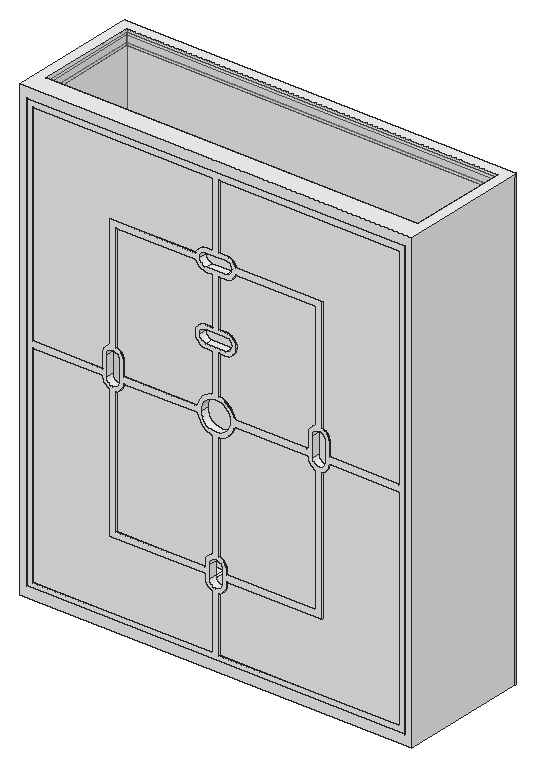
Revit family "STL22736BR_PTO_30", category Luminárias, Revit 2023
Family settings
  Hospedeiro = Parede
  Cota do conector redondo = Utilizar diâmetro
  Tipo de parte = Normal
  Número OmniClass = 23.80.70.00
  Título OmniClass = Lighting
  Sempre na vertical = Sim
  Corte com vazios quando carregada = Não
  Fonte luminosa = Sim
  Manter orientação da anotação = Não
  Compartilhado = Não
  Ponto de cálculo do ambiente = Não
Parameters (values of type "STH22736BR/30 - BRANCO - BIVOLT - 3000K - 280lm")
  Ângulo de inclinação = -90.00°
  Ângulo de Abertura = "90°/2°"
  Wattage = 1.75035 W
  Vidro = Vidro
  URL = "https://stella.com.br/"
  Troca de temperatura da cor de lâmpada com esmaecimento = <Nenhum>
  Tensão Elétrica = "100V-240V"
  built-in parameter 1150107 = 3000 (stored number, unit not read)
  Temperatura da cor (K) = 3000 K
  Referência = "STH22736BR/30"
  Potência = 10 W
  built-in parameter 1150110 = 1 (stored number, unit not read)
  built-in parameter 1150109 = 1 (stored number, unit not read)
  built-in parameter 1114218 = 1 (stored number, unit not read)
  built-in parameter 1150112 = 1 (stored number, unit not read)
  built-in parameter 1150113 = 1 (stored number, unit not read)
  built-in parameter 1150132 = 2
  built-in parameter 1150137 = (empty or 0)
  Modelo = "Wall Plus"
  Luminoso = Luminoso - 3000K
  built-in parameter 1150106 = 0.2069 (stored number, unit not read)
  Largura = 0.04 m
  built-in parameter 1150102 = (empty or 0)
  built-in parameter 1150105 = 20.69 (stored number, unit not read)
  IRC (Índice de reprodução de cores) = ">80"
  Grau de proteção (IP) = "IP65"
  Fluxo Luminoso_STL22736PTO = no
  Fluxo Luminoso_STH22736BR = yes
  Fluxo Luminoso = 280 lm
  Color Filter = 16777215
  built-in parameter 1114217 = 1 (stored number, unit not read)
  built-in parameter 1150139 = (empty or 0)
  Fabricante = "Stella"
  Estrutura = Al - Branco
  Default Elevation = 0.00 m
  built-in parameter 1150104 = 13.8 (stored number, unit not read)
  Dimerização = "Não dimerizável"
  built-in parameter 1150115 = 1 (stored number, unit not read)
  built-in parameter 1150114 = 1 (stored number, unit not read)
  Lumens = 260 lm
  built-in parameter 1150138 = (empty or 0)
  built-in parameter 1150134 = (empty or 0)
  Comprimento = 0.12 m
  Arquivo de rede fotométrica = "STL22736BR-30 - WALL PLUS - 1 FACHO ABERTO - 1 FACHO FECHADO - FACHO ABERTO.ies"
  Altura = 0.14 m
  built-in parameter 1150133 = 10 (stored number, unit not read)
Types (3, lengths in m): name | Referência | built-in parameter 1150106 | built-in parameter 1150105 | Fluxo Luminoso_STL22736PTO | Fluxo Luminoso_STH22736BR | Estrutura | Arquivo de rede fotométrica
  (no name) | "STH22736BR/30" | 0.2069 (stored number, unit not read) | 20.69 (stored number, unit not read) | no | yes | Al - Branco | "STL22736BR-30 - WALL PLUS - 1 FACHO ABERTO - 1 FACHO FECHADO - FACHO ABERTO.ies"
  STH22736BR/30 - BRANCO - BIVOLT - 3000K - 280lm | "STH22736BR/30" | 0.2069 (stored number, unit not read) | 20.69 (stored number, unit not read) | no | yes | Al - Branco | "STL22736BR-30 - WALL PLUS - 1 FACHO ABERTO - 1 FACHO FECHADO - FACHO ABERTO.ies"
  STH22736PTO/30 - PRETO - BIVOLT - 3000K - 280lm | "STH22736PTO/30" | 1.8358 (stored number, unit not read) | 183.58 (stored number, unit not read) | yes | no | Al - Preto | "STL22736PTO-30 - WALL PLUS - 1 FACHO ABERTO - 1 FACHO FECHADO - FACHO ABERTO.ies"
Reference planes (m)
  plane 1: y = 0
  plane 2 "Eixo de origem da luz (F/T)": y = 0.1132
  plane 3 "Plano de inclinação da fonte de luz": x = -0.036356
  plane 4 "Elevação da origem da luz": z = 1
  plane 5: x = 0.023644
  plane 6: x = -0.096356
  plane 7: y = 0.1432
  plane 8 "Superior": z = 1.07
  plane 9: z = 0.93
  plane 10 "Centro": z = 1
  plane 11: y = 0.1032
Forms (m)
  Extrusion 1, solid, material "Al - Branco" <- "Estrutura"
    sketch origin (0, 0, 1) x (0, 1, 0) y (-1, 0, 0)
      loop
        arc (0.1432, 0.095756) -> (0.143024, 0.09618) -> (0.1426, 0.096356) r 0.0006
        line (0.1426, 0.096356) -> (0.1032, 0.096356) -> (0.1032, -0.023644) -> (0.1426, -0.023644)
        arc (0.1426, -0.023644) -> (0.143024, -0.023469) -> (0.1432, -0.023044) r 0.0006
        line (0.1432, -0.023044) -> (0.1432, 0.095756)
      loop
        line (0.1414, 0.094356) -> (0.1055, 0.094356) -> (0.1055, -0.021644) -> (0.1414, -0.021644) -> (0.1414, 0.094356)
    from -0.07 to 0.07
  Extrusion 2, void
    sketch origin (-0.036356, -0.000539, 0) x (0, -1, 0) y (0, 0, 1)
      loop
        line (-0.109918, 0.943425) -> (-0.118046, 0.943425) -> (-0.117117, 0.942369) -> (-0.110846, 0.942369) -> (-0.109918, 0.943425)
      loop
        line (-0.110846, 0.941099) -> (-0.117117, 0.941099) -> (-0.117117, 0.940027) -> (-0.110846, 0.940027) -> (-0.110846, 0.941099)
      loop
        line (-0.109918, 0.9377) -> (-0.110846, 0.938756) -> (-0.117117, 0.938756) -> (-0.118046, 0.9377) -> (-0.109918, 0.9377)
    from 0.0594 to 0.06
  Extrusion 3, void
    sketch origin (0, 0.1132, 0) x (1, 0, 0) y (0, 0, 1)
      loop
        line (0.021644, 1.067) -> (-0.094356, 1.067) -> (-0.094356, 0.933) -> (0.021644, 0.933) -> (0.021644, 1.067)
    from 0.0077 to 0.01
  Extrusion 4, solid, material "Al - Branco" <- "Estrutura"
    sketch origin (0, 0.1132, 0) x (1, 0, 0) y (0, 0, 1)
      loop
        line (0.021544, 1.0669) -> (-0.094256, 1.0669) -> (-0.094256, 0.9331) -> (0.021544, 0.9331) -> (0.021544, 1.0669)
    from 0.0077 to 0.01
  Extrusion 5, void
    sketch origin (-0.072711, 0.1132, 2) x (-1, 0, 0) y (0, 0, -1)
      loop
        line (-0.035456, 1.0653) -> (-0.035456, 1.048371)
        arc (-0.035456, 1.048371) -> (-0.033794, 1.047218) -> (-0.033156, 1.0453) r 0.0032
        line (-0.033156, 1.0453) -> (-0.033156, 1.0442) -> (-0.00396, 1.0442) -> (-0.00396, 1.004048)
        arc (-0.00396, 1.004048) -> (-0.002289, 1.00289) -> (-0.001647, 1.000962) r 0.003215
        line (-0.001647, 1.000962) -> (0.019744, 1.000962) -> (0.019744, 1.0653) -> (-0.035456, 1.0653)
      loop
        line (-0.037256, 1.0653) -> (-0.092456, 1.0653) -> (-0.092456, 1.000962) -> (-0.071065, 1.000962)
        arc (-0.071065, 1.000962) -> (-0.070422, 1.00289) -> (-0.068751, 1.004048) r 0.003215
        line (-0.068751, 1.004048) -> (-0.068751, 1.0442) -> (-0.039556, 1.0442) -> (-0.039556, 1.0453)
        arc (-0.039556, 1.0453) -> (-0.038917, 1.047218) -> (-0.037256, 1.048371) r 0.0032
        line (-0.037256, 1.048371) -> (-0.037256, 1.0653)
      loop
        line (0.019744, 0.9991) -> (-0.001656, 0.9991) -> (-0.001656, 0.995)
        arc (-0.001656, 0.995) -> (-0.002294, 0.993082) -> (-0.003956, 0.991929) r 0.0032
        line (-0.003956, 0.991929) -> (-0.003956, 0.9573) -> (-0.030285, 0.9573)
        arc (-0.030285, 0.9573) -> (-0.031437, 0.955639) -> (-0.033356, 0.955) r 0.0032
        line (-0.033356, 0.955) -> (-0.035456, 0.955) -> (-0.035456, 0.9349) -> (0.019744, 0.9349) -> (0.019744, 0.9991)
      loop
        line (-0.092456, 0.9991) -> (-0.092456, 0.9349) -> (-0.037256, 0.9349) -> (-0.037256, 0.955) -> (-0.039356, 0.955)
        arc (-0.039356, 0.955) -> (-0.041274, 0.955639) -> (-0.042426, 0.9573) r 0.0032
        line (-0.042426, 0.9573) -> (-0.068756, 0.9573) -> (-0.068756, 0.991929)
        arc (-0.068756, 0.991929) -> (-0.070417, 0.993082) -> (-0.071056, 0.995) r 0.0032
        line (-0.071056, 0.995) -> (-0.071056, 0.9991) -> (-0.092456, 0.9991)
      loop
        arc (-0.033156, 1.0413) -> (-0.033794, 1.039382) -> (-0.035456, 1.038229) r 0.0032
        line (-0.035456, 1.038229) -> (-0.035456, 1.005628)
        arc (-0.035456, 1.005628) -> (-0.032325, 1.004031) -> (-0.030727, 1.0009) r 0.0057
        line (-0.030727, 1.0009) -> (-0.008056, 1.001)
        arc (-0.008056, 1.001) -> (-0.007417, 1.002918) -> (-0.005756, 1.004071) r 0.0032
        line (-0.005756, 1.004071) -> (-0.005756, 1.0424) -> (-0.033156, 1.0424) -> (-0.033156, 1.0413)
      loop
        arc (-0.037256, 1.038229) -> (-0.038917, 1.039382) -> (-0.039556, 1.0413) r 0.0032
        line (-0.039556, 1.0413) -> (-0.039556, 1.0424) -> (-0.06696, 1.0424) -> (-0.06696, 1.004048)
        arc (-0.06696, 1.004048) -> (-0.065289, 1.00289) -> (-0.064647, 1.000962) r 0.003215
        line (-0.064647, 1.000962) -> (-0.041974, 1.000962)
        arc (-0.041974, 1.000962) -> (-0.040364, 1.004053) -> (-0.037256, 1.005628) r 0.0057
        line (-0.037256, 1.005628) -> (-0.037256, 1.038229)
      loop
        arc (-0.037256, 0.994372) -> (-0.040386, 0.995969) -> (-0.041984, 0.9991) r 0.0057
        line (-0.041984, 0.9991) -> (-0.064656, 0.9991) -> (-0.064656, 0.995)
        arc (-0.064656, 0.995) -> (-0.065294, 0.993082) -> (-0.066956, 0.991929) r 0.0032
        line (-0.066956, 0.991929) -> (-0.066956, 0.9591) -> (-0.042426, 0.9591)
        arc (-0.042426, 0.9591) -> (-0.041274, 0.960761) -> (-0.039356, 0.9614) r 0.0032
        line (-0.039356, 0.9614) -> (-0.037256, 0.9614) -> (-0.037256, 0.976) -> (-0.039356, 0.976)
        arc (-0.039356, 0.976) -> (-0.041618, 0.976937) -> (-0.042556, 0.9792) r 0.0032
        arc (-0.042556, 0.9792) -> (-0.041618, 0.981463) -> (-0.039356, 0.9824) r 0.0032
        line (-0.039356, 0.9824) -> (-0.037256, 0.9824) -> (-0.037256, 0.994372)
      loop
        line (-0.035456, 0.976) -> (-0.035456, 0.9614) -> (-0.033356, 0.9614)
        arc (-0.033356, 0.9614) -> (-0.031437, 0.960761) -> (-0.030285, 0.9591) r 0.0032
        line (-0.030285, 0.9591) -> (-0.005756, 0.9591) -> (-0.005756, 0.991929)
        arc (-0.005756, 0.991929) -> (-0.007417, 0.993082) -> (-0.008056, 0.995) r 0.0032
        line (-0.008056, 0.995) -> (-0.008056, 0.9991) -> (-0.030727, 0.9991)
        arc (-0.030727, 0.9991) -> (-0.032325, 0.995969) -> (-0.035456, 0.994372) r 0.0057
        line (-0.035456, 0.994372) -> (-0.035456, 0.9824) -> (-0.033356, 0.9824)
        arc (-0.033356, 0.9824) -> (-0.030156, 0.9792) -> (-0.033356, 0.976) r 0.0032
        line (-0.033356, 0.976) -> (-0.035456, 0.976)
    from 0.0098 to 0.01
  Extrusion 6, void
    sketch origin (-0.072711, 0.1132, 2) x (-1, 0, 0) y (0, 0, -1)
      loop
        line (-0.038356, 1.0453) -> (-0.038356, 1.0413)
        arc (-0.038356, 1.0413) -> (-0.036356, 1.0393) -> (-0.034356, 1.0413) r 0.002
        line (-0.034356, 1.0413) -> (-0.034356, 1.0453)
        arc (-0.034356, 1.0453) -> (-0.036356, 1.0473) -> (-0.038356, 1.0453) r 0.002
      loop
        circle (-0.036356, 1) r 0.0045
      loop
        line (-0.033356, 0.9812) -> (-0.039356, 0.9812)
        arc (-0.039356, 0.9812) -> (-0.041356, 0.9792) -> (-0.039356, 0.9772) r 0.002
        line (-0.039356, 0.9772) -> (-0.033356, 0.9772)
        arc (-0.033356, 0.9772) -> (-0.031941, 0.977786) -> (-0.031356, 0.9792) r 0.002
        arc (-0.031356, 0.9792) -> (-0.031941, 0.980614) -> (-0.033356, 0.9812) r 0.002
      loop
        line (-0.065856, 0.995) -> (-0.065856, 1.001)
        arc (-0.065856, 1.001) -> (-0.067856, 1.003) -> (-0.069856, 1.001) r 0.002
        line (-0.069856, 1.001) -> (-0.069856, 0.995)
        arc (-0.069856, 0.995) -> (-0.067856, 0.993) -> (-0.065856, 0.995) r 0.002
      loop
        line (-0.002856, 0.995) -> (-0.002856, 1.001)
        arc (-0.002856, 1.001) -> (-0.004856, 1.003) -> (-0.006856, 1.001) r 0.002
        line (-0.006856, 1.001) -> (-0.006856, 0.995)
        arc (-0.006856, 0.995) -> (-0.004856, 0.993) -> (-0.002856, 0.995) r 0.002
      loop
        arc (-0.031356, 0.9582) -> (-0.031941, 0.959614) -> (-0.033356, 0.9602) r 0.002
        line (-0.033356, 0.9602) -> (-0.039356, 0.9602)
        arc (-0.039356, 0.9602) -> (-0.041356, 0.9582) -> (-0.039356, 0.9562) r 0.002
        line (-0.039356, 0.9562) -> (-0.033356, 0.9562)
        arc (-0.033356, 0.9562) -> (-0.031941, 0.956786) -> (-0.031356, 0.9582) r 0.002
    from 0.0077 to 0.01
  Extrusion 7, solid, material "Al - Branco" <- "Estrutura"
    sketch origin (0, 0, 1) x (0, 1, 0) y (-1, 0, 0)
      loop
        line (0.1055, -0.021644) -> (0.1414, -0.021644) -> (0.1414, 0.094356) -> (0.1055, 0.094356) -> (0.1055, -0.021644)
    from -0.07 to -0.069
  Extrusion 8, solid, material "Al - Branco" <- "Estrutura"
    sketch origin (-0.036356, 0, 0) x (0, -1, 0) y (0, 0, 1)
      loop
        line (-0.1055, 1.069) -> (-0.1055, 1.07) -> (-0.1414, 1.07) -> (-0.1414, 1.069) -> (-0.1055, 1.069)
    from -0.058 to 0.058
  Extrusion 9, void
    sketch origin (0, 0, 1) x (0, 1, 0) y (-1, 0, 0)
      loop
        line (0.1402, 0.093356) -> (0.1092, 0.093356) -> (0.1092, -0.020644) -> (0.1402, -0.020644) -> (0.1402, 0.093356)
    from 0.069 to 0.07
  Sweep 10, solid, material "Vidro" <- "Vidro"
    path origin (0, 0, 1) x (0, 1, 0) y (-1, 0, 0)
      loop
        line (0.1402, 0.093356) -> (0.1092, 0.093356) -> (0.1092, -0.020644) -> (0.1402, -0.020644) -> (0.1402, 0.093356)
    profile origin (-0.093356, 0.1247, 1) x (1, 0, 0) y (0, 0, 1)
      loop
        line (0.001, 0.069) -> (0, 0.069) -> (0, 0.066) -> (0.001, 0.066) -> (0.001, 0.069)
  Extrusion 11, solid, material "Vidro" <- "Vidro"
    sketch origin (0, 0, 1) x (0, 1, 0) y (-1, 0, 0)
      loop
        line (0.1402, 0.093356) -> (0.1092, 0.093356) -> (0.1092, -0.020644) -> (0.1402, -0.020644) -> (0.1402, 0.093356)
    from 0.069 to 0.07
  Sweep 12, solid, material "Vidro" <- "Vidro"
    path origin (0, 0, 1) x (-1, 0, 0) y (0, -1, 0)
      loop
        line (0.054806, -0.1102) -> (0.017806, -0.1102) -> (0.017806, -0.1372) -> (0.054806, -0.1372) -> (0.054806, -0.1102)
    profile origin (-0.054806, 0.1237, 1) x (-1, 0, 0) y (0, 0, 1)
      loop
        line (-0.0008, -0.0692) -> (0, -0.0692) -> (0, -0.067) -> (0.003, -0.067) -> (0.003, -0.063) -> (0.00205, -0.063) -> (0.00205, -0.066) -> (-0.0002, -0.066) -> (-0.0008, -0.0666) -> (-0.0008, -0.0692)
  Extrusion 13, solid, material "Vidro" <- "Vidro"
    sketch origin (0, 0, 1) x (0, 1, 0) y (-1, 0, 0)
      loop
        line (0.1102, 0.017806) -> (0.1372, 0.017806) -> (0.1372, 0.054806) -> (0.1102, 0.054806) -> (0.1102, 0.017806)
    from -0.07 to -0.0692
  Extrusion 14, void
    sketch origin (0, 0, 1) x (0, 1, 0) y (-1, 0, 0)
      loop
        line (0.1373, 0.054956) -> (0.1101, 0.054956) -> (0.1101, 0.017756) -> (0.1373, 0.017756) -> (0.1373, 0.054956)
    from -0.07 to -0.069
Cuts and joins
  Extrusion 5, Extrusion 6 cuts Extrusion 4
  Extrusion 14 cuts Sweep 10
  Extrusion 14 cuts Extrusion 11
  joined: Sweep 10, Extrusion 11
  Extrusion 2, Extrusion 3, Extrusion 14 cuts Extrusion 1
  Extrusion 14 cuts Extrusion 7
  Extrusion 9, Extrusion 14 cuts Extrusion 8
  joined: Extrusion 1, Extrusion 7, Extrusion 8
Text (m)
  text "Lado da colocação" at (0, 1.019848, 2.904603), in view "Direita"
  text "Lado da colocação" at (-0.592662, 0.673012, 0), in view "Nível de referência"
  text "Lado da colocação" at (0, 1.206291, 3.291227), in view "Esquerda"
  text "90 graus" at (-0.2286, 1.737863, 1.739117), in view "Esquerda"
  text "Inclinação da luz de 0 graus" at (-0.2286, 0.870797, 0.30306), in view "Esquerda"
  text "180 graus" at (-0.2286, 0.532154, 2.571909), in view "Esquerda"
Dimensions and locks (m)
  "Comprimento": plane 6 to plane 5
  "Altura": plane 9 to plane 8 "Superior"
  "Largura": plane 7 to plane 11
  aligned and locked: Extrusion 1 to plane 9
  aligned and locked: plane 8 "Superior" to Extrusion 1
Automatic sketch dimensions
  Extrusion 1 sketch curve to host wall = 0.00 m
  Extrusion 1 sketch curve to plane 6 = 0.00 m
  Extrusion 1 sketch curve to plane 5 = 0.00 m
  Extrusion 1 sketch curve to plane 7 = 0.00 m
  host wall to Extrusion 1 sketch curve = 0.0023 m
  Extrusion 1 sketch curve to plane 7 = 0.0018 m
  Extrusion 1 sketch curve to plane 7 = 0.0006 m
  Extrusion 1 sketch curve to plane 5 = 0.0006 m
  Extrusion 1 sketch curve to Extrusion 1 sketch curve = 0.0014 m
  plane 6 to Extrusion 1 sketch curve = 0.002 m
  Extrusion 2 sketch curve to plane 2 "Eixo de origem da luz (F/T)" = 0.004307 m  (x2)
  Extrusion 2 sketch curve to Extrusion 2 sketch curve = 0.000928 m  (x4)
  Extrusion 2 sketch curve to Extrusion 2 sketch curve = 0.00 m  (x3)
  plane 2 "Eixo de origem da luz (F/T)" to Extrusion 2 sketch curve = 0.002893 m
  plane 9 to Extrusion 2 sketch curve = 0.0077 m
  Extrusion 2 sketch curve to Extrusion 2 sketch curve = 0.001056 m  (x2)
  Extrusion 2 sketch curve to Extrusion 2 sketch curve = 0.00127 m  (x2)
  Extrusion 2 sketch curve to Extrusion 2 sketch curve = 0.001072 m
  plane 6 to Extrusion 3 sketch curve = 0.002 m
  Extrusion 3 sketch curve to plane 5 = 0.002 m
  plane 9 to Extrusion 3 sketch curve = 0.003 m
  Extrusion 3 sketch curve to plane 8 "Superior" = 0.003 m
  plane 6 to Extrusion 4 sketch curve = 0.0021 m
  Extrusion 4 sketch curve to plane 5 = 0.0021 m
  plane 9 to Extrusion 4 sketch curve = 0.0031 m
  Extrusion 4 sketch curve to plane 8 "Superior" = 0.0031 m
  Extrusion 5 sketch curve to Extrusion 5 sketch curve = 0.00 m  (x35)
  plane 3 "Plano de inclinação da fonte de luz" to Extrusion 5 sketch curve = 0.00 m  (x3)
  Extrusion 5 sketch curve to plane 4 "Elevação da origem da luz" = 0.00 m
  Extrusion 5 sketch curve to plane 3 "Plano de inclinação da fonte de luz" = 0.0009 m  (x5)
  Extrusion 5 sketch curve to plane 3 "Plano de inclinação da fonte de luz" = 0.003 m  (x2)
  Extrusion 5 sketch curve to Extrusion 5 sketch curve = 0.0032 m  (x5)
  plane 4 "Elevação da origem da luz" to Extrusion 5 sketch curve = 0.000962 m  (x3)
  Extrusion 5 sketch curve to plane 3 "Plano de inclinação da fonte de luz" = 0.005618 m
  Extrusion 5 sketch curve to plane 4 "Elevação da origem da luz" = 0.0009 m  (x4)
  Extrusion 5 sketch curve to Extrusion 5 sketch curve = 0.00001 m
  Extrusion 5 sketch curve to Extrusion 5 sketch curve = 0.003071 m  (x2)
  Extrusion 5 sketch curve to Extrusion 5 sketch curve = 0.022673 m
  Extrusion 5 sketch curve to Extrusion 5 sketch curve = 0.000009 m  (x3)
  Extrusion 5 sketch curve to Extrusion 5 sketch curve = 0.024529 m
  Extrusion 5 sketch curve to Extrusion 5 sketch curve = 0.027404 m
  Extrusion 5 sketch curve to Extrusion 5 sketch curve = 0.003203 m
  Extrusion 5 sketch curve to Extrusion 5 sketch curve = 0.000012 m
  Extrusion 5 sketch curve to Extrusion 5 sketch curve = 0.001791 m
  Extrusion 5 sketch curve to Extrusion 5 sketch curve = 0.0018 m  (x6)
  Extrusion 5 sketch curve to Extrusion 5 sketch curve = 0.003194 m  (x2)
  Extrusion 5 sketch curve to plane 5 = 0.0039 m  (x2)
  plane 3 "Plano de inclinação da fonte de luz" to Extrusion 5 sketch curve = 0.0009 m  (x5)
  plane 3 "Plano de inclinação da fonte de luz" to Extrusion 5 sketch curve = 0.003 m  (x2)
  plane 3 "Plano de inclinação da fonte de luz" to Extrusion 5 sketch curve = 0.0032 m
  plane 4 "Elevação da origem da luz" to Extrusion 5 sketch curve = 0.0009 m
  plane 3 "Plano de inclinação da fonte de luz" to Extrusion 5 sketch curve = 0.005628 m
  Extrusion 5 sketch curve to Extrusion 5 sketch curve = 0.022672 m
  plane 4 "Elevação da origem da luz" to Extrusion 5 sketch curve = 0.001 m
  Extrusion 5 sketch curve to Extrusion 5 sketch curve = 0.0023 m  (x4)
  Extrusion 5 sketch curve to Extrusion 5 sketch curve = 0.000006 m
  Extrusion 5 sketch curve to Extrusion 5 sketch curve = 0.001796 m
  Extrusion 5 sketch curve to Extrusion 5 sketch curve = 0.003206 m
  plane 6 to Extrusion 5 sketch curve = 0.0039 m
  Extrusion 5 sketch curve to Extrusion 5 sketch curve = 0.007171 m  (x2)
  Extrusion 5 sketch curve to Extrusion 5 sketch curve = 0.011972 m
  Extrusion 5 sketch curve to Extrusion 5 sketch curve = 0.0146 m
  Extrusion 5 sketch curve to plane 8 "Superior" = 0.0049 m  (x2)
  plane 9 to Extrusion 5 sketch curve = 0.031771 m
  Extrusion 5 sketch curve to Extrusion 5 sketch curve = 0.0011 m  (x3)
  plane 9 to Extrusion 5 sketch curve = 0.0047 m  (x2)
  Extrusion 6 sketch curve to Extrusion 6 sketch curve = 0.00 m  (x6)
  Extrusion 6 sketch curve to plane 4 "Elevação da origem da luz" = 0.00 m
  plane 3 "Plano de inclinação da fonte de luz" to Extrusion 6 sketch curve = 0.00 m  (x2)
  Extrusion 6 sketch curve to Extrusion 6 sketch curve = 0.002 m  (x5)
  Extrusion 6 sketch curve to plane 3 "Plano de inclinação da fonte de luz" = 0.003 m  (x2)
  Extrusion 6 sketch curve to plane 4 "Elevação da origem da luz" = 0.005 m  (x2)
  Extrusion 6 sketch curve to plane 3 "Plano de inclinação da fonte de luz" = 0.0295 m
  plane 4 "Elevação da origem da luz" to Extrusion 6 sketch curve = 0.001 m  (x2)
  plane 3 "Plano de inclinação da fonte de luz" to Extrusion 6 sketch curve = 0.003 m  (x2)
  plane 3 "Plano de inclinação da fonte de luz" to Extrusion 6 sketch curve = 0.0295 m
  Extrusion 6 sketch curve to plane 4 "Elevação da origem da luz" = 0.0188 m
  Extrusion 6 sketch curve to Extrusion 6 sketch curve = 0.017 m
  plane 9 to Extrusion 6 sketch curve = 0.0287 m
  Extrusion 6 sketch curve to Extrusion 6 sketch curve = 0.004 m
  Extrusion 6 sketch curve to plane 3 "Plano de inclinação da fonte de luz" = 0.0045 m
  host wall to Extrusion 7 sketch curve = 0.0023 m
  Extrusion 7 sketch curve to plane 7 = 0.0018 m
  Extrusion 7 sketch curve to plane 5 = 0.002 m
  plane 6 to Extrusion 7 sketch curve = 0.002 m
  Extrusion 8 sketch curve to plane 8 "Superior" = 0.00 m
  Extrusion 8 sketch curve to plane 7 = 0.0018 m
  host wall to Extrusion 8 sketch curve = 0.0023 m
  Extrusion 8 sketch curve to plane 8 "Superior" = 0.001 m
  plane 2 "Eixo de origem da luz (F/T)" to Sweep 12 sketch curve = 0.003 m
  Sweep 12 sketch curve to plane 3 "Plano de inclinação da fonte de luz" = 0.01855 m
  Sweep 12 sketch curve to plane 7 = 0.006 m
  plane 3 "Plano de inclinação da fonte de luz" to Sweep 12 sketch curve = 0.01845 m
  Sweep 12 sketch curve to profile plane = 0.00 m
  profile plane to Sweep 12 sketch curve = 0.0002 m
  Sweep 12 sketch curve to Sweep 12 sketch curve = 0.0008 m
  Sweep 12 sketch curve to profile plane = 0.00205 m
  Sweep 12 sketch curve to Sweep 12 sketch curve = 0.00095 m
  Sweep 12 sketch curve to profile plane = 0.0692 m
  Sweep 12 sketch curve to Sweep 12 sketch curve = 0.0022 m
  Sweep 12 sketch curve to Sweep 12 sketch curve = 0.0004 m
  Sweep 12 sketch curve to Sweep 12 sketch curve = 0.0006 m
  Sweep 12 sketch curve to Sweep 12 sketch curve = 0.003 m
  plane 2 "Eixo de origem da luz (F/T)" to Extrusion 13 sketch curve = 0.003 m
  Extrusion 13 sketch curve to plane 7 = 0.006 m
  Extrusion 13 sketch curve to plane 3 "Plano de inclinação da fonte de luz" = 0.01855 m
  plane 3 "Plano de inclinação da fonte de luz" to Extrusion 13 sketch curve = 0.01845 m
  plane 2 "Eixo de origem da luz (F/T)" to Extrusion 14 sketch curve = 0.0031 m
  Extrusion 14 sketch curve to plane 7 = 0.0059 m
  Extrusion 14 sketch curve to plane 5 = 0.0414 m
  Extrusion 14 sketch curve to plane 5 = 0.0786 m
  plane 6 to Extrusion 9 sketch curve = 0.003 m
  Extrusion 9 sketch curve to plane 7 = 0.003 m
  Extrusion 9 sketch curve to plane 7 = 0.034 m
  Extrusion 9 sketch curve to plane 5 = 0.003 m
  Sweep 10 sketch curve to Sweep 10 sketch curve = 0.001 m
  Sweep 10 sketch curve to plane 4 "Elevação da origem da luz" = 0.066 m
  Sweep 10 sketch curve to Sweep 10 sketch curve = 0.003 m
  Sweep 10 sketch curve to profile plane = 0.00 m
  plane 6 to Sweep 10 sketch curve = 0.003 m
  Sweep 10 sketch curve to plane 7 = 0.003 m
  Sweep 10 sketch curve to plane 7 = 0.034 m
  Sweep 10 sketch curve to plane 5 = 0.003 m
  plane 6 to Extrusion 11 sketch curve = 0.003 m
  Extrusion 11 sketch curve to plane 7 = 0.003 m
  Extrusion 11 sketch curve to plane 7 = 0.034 m
  Extrusion 11 sketch curve to plane 5 = 0.003 m
Nested families (m)
  nested 1: "Fluxo Luminoso_Way Plus STL22736BR" at (-0.036356, 0.123799, 0.969877), visible <- "Fluxo Luminoso_STH22736BR", type "Fluxo Luminoso_Way Plus STL22736BR"
  nested 2: "Fluxo Luminoso_Way Plus STL22736PTO" at (-0.036356, 0.123799, 0.969877), visible <- "Fluxo Luminoso_STL22736PTO", type "Fluxo Luminoso_Way Plus STL22736PTO"
Connectors (m)
  electrical at (-0.036356, 0.1232, 1)
    settings: index 1, voltage 0 V, apparent load 0 VA, apparent load phase1 0 VA, apparent load phase2 0 VA, apparent load phase3 0 VA, power factor 1, load classification "Outro", number of poles 1, system type 31, power factor state 1, is connector primary yes, connector utility no, sub classification motor no, connector description ""
Definition of nested family "Fluxo Luminoso_Way Plus STL22736BR"
  Parameters (values of type "Fluxo Luminoso_Way Plus STL22736BR")
    Wattage = 0.134642 W
    built-in parameter 1150110 = 1 (stored number, unit not read)
    built-in parameter 1114217 = 1 (stored number, unit not read)
    built-in parameter 1150109 = 1 (stored number, unit not read)
    Default Elevation = 0.00 m
    built-in parameter 1150134 = (empty or 0)
    built-in parameter 1150113 = 1 (stored number, unit not read)
    Lumens = 20 lm
    Tilt Angle = 90.00°
    built-in parameter 1150115 = 1 (stored number, unit not read)
    built-in parameter 1150105 = 1340.6 (stored number, unit not read)
    built-in parameter 1150137 = (empty or 0)
    built-in parameter 1150139 = (empty or 0)
    built-in parameter 1150112 = 1 (stored number, unit not read)
    built-in parameter 1150114 = 1 (stored number, unit not read)
    built-in parameter 1150132 = 2
    built-in parameter 1150102 = (empty or 0)
    built-in parameter 1150138 = (empty or 0)
    built-in parameter 1150107 = 3000 (stored number, unit not read)
    built-in parameter 1150106 = 13.406 (stored number, unit not read)
    built-in parameter 1150104 = 13.8 (stored number, unit not read)
    Dimming Lamp Color Temperature Shift = (empty or 0)
    Color Filter = 16777215
    built-in parameter 1114218 = 1 (stored number, unit not read)
    Photometric Web File = "STL22736BR-30 - WALL PLUS - 1 FACHO ABERTO - 1 FACHO FECHADO - FACHO FECHADO.ies"
    built-in parameter 1150133 = 10 (stored number, unit not read)
  Reference planes (m)
    plane 1 "Plano de inclinação (F/T)": y = 0
    plane 2: z = 0
    plane 3 "Eixo de origem da luz (E/D)": x = 0
    plane 4 "Elevação da origem da luz": z = 1.3716
  Text (m)
    text "Ângulo de inclinação de 0 graus" at (0.809978, -4.572, 1.586413), in view "Parte frontal"
    text "90" at (-0.194597, -4.572, 2.488248), in view "Parte frontal"
    text "180" at (-1.13068, -4.572, 1.586413), in view "Parte frontal"
    text "270" at (-0.320169, -4.572, 0.456265), in view "Parte frontal"
    text "Ângulo de inclinação de 0 graus" at (1.952354, 4.572, 1.54298), in view "Parte posterior"
    text "180" at (-0.876627, 4.572, 1.524796), in view "Parte posterior"
    text "90" at (0.296375, 4.572, 2.698908), in view "Parte posterior"
    text "270" at (0.421947, 4.572, 0.666926), in view "Parte posterior"
  Dimensions and locks (m)
    aligned and locked: plane 3 "Eixo de origem da luz (E/D)" to imposter light
    aligned and locked: level to plane 2
Definition of nested family "Fluxo Luminoso_Way Plus STL22736PTO"
  Parameters (values of type "Fluxo Luminoso_Way Plus STL22736PTO")
    Wattage = 0.134642 W
    built-in parameter 1150110 = 1 (stored number, unit not read)
    built-in parameter 1114217 = 1 (stored number, unit not read)
    built-in parameter 1150109 = 1 (stored number, unit not read)
    Default Elevation = 0.00 m
    built-in parameter 1150134 = (empty or 0)
    built-in parameter 1150113 = 1 (stored number, unit not read)
    Lumens = 20 lm
    Tilt Angle = 90.00°
    built-in parameter 1150115 = 1 (stored number, unit not read)
    built-in parameter 1150105 = 1340.6 (stored number, unit not read)
    built-in parameter 1150137 = (empty or 0)
    built-in parameter 1150139 = (empty or 0)
    built-in parameter 1150112 = 1 (stored number, unit not read)
    built-in parameter 1150114 = 1 (stored number, unit not read)
    built-in parameter 1150132 = 2
    built-in parameter 1150102 = (empty or 0)
    built-in parameter 1150138 = (empty or 0)
    built-in parameter 1150107 = 3000 (stored number, unit not read)
    built-in parameter 1150106 = 13.406 (stored number, unit not read)
    built-in parameter 1150104 = 13.8 (stored number, unit not read)
    Dimming Lamp Color Temperature Shift = (empty or 0)
    Color Filter = 16777215
    built-in parameter 1114218 = 1 (stored number, unit not read)
    Photometric Web File = "STL22736PTO-30 - WALL PLUS - 1 FACHO ABERTO - 1 FACHO FECHADO - FACHO FECHADO.ies"
    built-in parameter 1150133 = 10 (stored number, unit not read)
  Reference planes (m)
    plane 1 "Plano de inclinação (F/T)": y = 0
    plane 2: z = 0
    plane 3 "Eixo de origem da luz (E/D)": x = 0
    plane 4 "Elevação da origem da luz": z = 1.3716
  Text (m)
    text "Ângulo de inclinação de 0 graus" at (0.809978, -4.572, 1.586413), in view "Parte frontal"
    text "90" at (-0.194597, -4.572, 2.488248), in view "Parte frontal"
    text "180" at (-1.13068, -4.572, 1.586413), in view "Parte frontal"
    text "270" at (-0.320169, -4.572, 0.456265), in view "Parte frontal"
    text "Ângulo de inclinação de 0 graus" at (1.952354, 4.572, 1.54298), in view "Parte posterior"
    text "180" at (-0.876627, 4.572, 1.524796), in view "Parte posterior"
    text "90" at (0.296375, 4.572, 2.698908), in view "Parte posterior"
    text "270" at (0.421947, 4.572, 0.666926), in view "Parte posterior"
  Dimensions and locks (m)
    aligned and locked: plane 3 "Eixo de origem da luz (E/D)" to imposter light
    aligned and locked: level to plane 2
